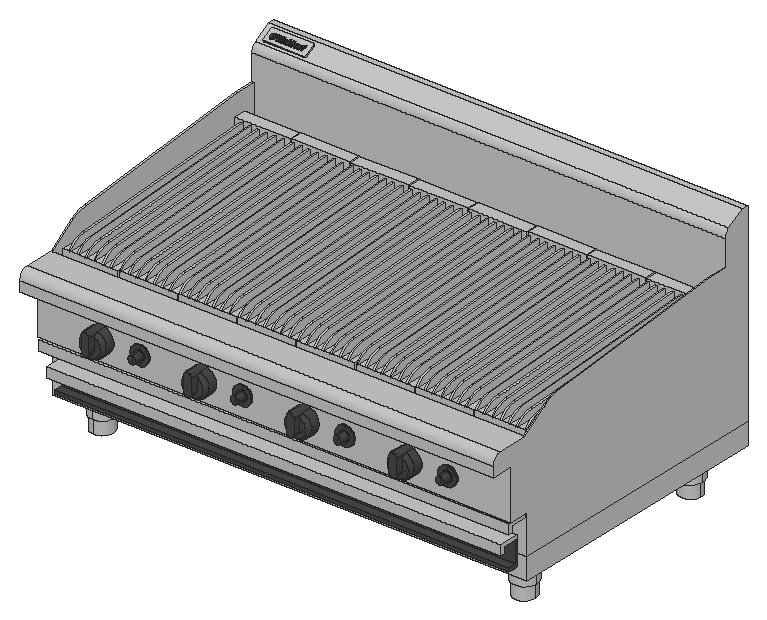
Revit family "QF_MOFFAT WALDORF_CH8120G-B", category Specialty Equipment, Revit 2012
Parameters
  Weight in Pounds = 0
  URL Cutsheet = "www.moffat.com"
  URL = "www.moffat.com"
  Type Mark [instance] = ""
  Status [instance] = ""
  Specification by User [instance] = ""
  Specification by Manufacturer = ""
  Show Logo [instance] = yes
  Serial Number = ""
  Seismic Rating = ""
  SMACNA No = ""
  Revision Code [instance] = ""
  Omniclass Number and Title = ""
  NAFEM Spec ID Number = ""
  Model = "CH8120G-B"
  Mechanical Remarks [instance] = ""
  Mechanical Connection Type [instance] = ""
  Masterspec = ""
  Manufacturer = "MOFFAT WALDORF"
  Item Number [instance] = ""
  Installed By [instance] = ""
  Identify Quantity as Lot [instance] = yes
  Gas Size = 3/4"
  Gas RI Height [instance] = 0 mm
  Gas KW [instance] = 36.6
  Gas Input [instance] = 126060.0 Btu/h
  Gas Connection Height = 0 mm
  Furnished By [instance] = ""
  Foodservice Equipment Identifier [instance] = yes
  Description = "CHARGRILL BENCH MOUNT"
  CSI MasterFormat = ""
  CSI Master Format = ""
  Body Finish = QF_Finishes_Stainless Steel
Reference planes
  plane 1 "BACK": y = 0
  plane 2: z = 0
  plane 3 "LEFT": x = 0
  plane 4 "RIGHT": x = 1200
  plane 5 "FRONT": y = -805
  plane 6 "TOP": z = 630
  plane 7 "Center Y": x = 600
  plane 8 "Center X": y = -402.5
Forms (mm)
  Extrusion 1, solid, material "QF_Finishes_Stainless Steel" <- "Body Finish"
    sketch origin (0, 0, 0) x (0, 1, 0) y (0, 0, 1)
      loop
        line (-805, 391) -> (-805, 366) -> (-749, 366) -> (-749, 240) -> (-699, 240) -> (-699, 140) -> (0, 140) -> (0, 630) -> (-16.5, 630) -> (-58.709, 605.631)
        arc (-58.709, 605.631) -> (-66.975, 597.365) -> (-70, 586.074) r 22.582
        line (-70, 586.074) -> (-70, 375) -> (-705, 375) -> (-705, 415) -> (-781, 415)
        arc (-781, 415) -> (-797.971, 407.971) -> (-805, 391) r 24
      loop
        line (0, 85) -> (0, 139.206) -> (-699, 139.206) -> (-699, 85) -> (0, 85)
    from 0 to 1200
  Revolve 2, solid, material "QF_Finishes_Stainless Steel" <- "Body Finish"
    sketch origin (424.5, -625, 0) x (1, 0, 0) y (0, 0, -1)
      loop
        line (678.25, -85) -> (710, -85) -> (710, 0) -> (682.5, 0) -> (682.5, -35) -> (678.25, -35) -> (678.25, -85)
      axis (710, -85) -> (710, 0)
    angle from 0 to 360
  Revolve 3, solid, material "QF_Finishes_Stainless Steel" <- "Body Finish"
    sketch origin (424.5, -100, 0) x (1, 0, 0) y (0, 0, -1)
      loop
        line (678.25, -85) -> (710, -85) -> (710, 0) -> (682.5, 0) -> (682.5, -35) -> (678.25, -35) -> (678.25, -85)
      axis (710, -85) -> (710, 0)
    angle from 0 to 360
  Revolve 4, solid, material "QF_Finishes_Stainless Steel" <- "Body Finish"
    sketch origin (65.5, -735, 0) x (0, 1, 0) y (0, 0, 1)
      loop
        line (78.25, 85) -> (78.25, 35) -> (82.5, 35) -> (82.5, 0) -> (110, 0) -> (110, 85) -> (78.25, 85)
      axis (110, 85) -> (110, 0)
    angle from 0 to 360
  Revolve 5, solid, material "QF_Finishes_Stainless Steel" <- "Body Finish"
    sketch origin (65.5, -210, 0) x (0, 1, 0) y (0, 0, 1)
      loop
        line (78.25, 85) -> (78.25, 35) -> (82.5, 35) -> (82.5, 0) -> (110, 0) -> (110, 85) -> (78.25, 85)
      axis (110, 85) -> (110, 0)
    angle from 0 to 360
  Extrusion 6, solid, material "QF_Finishes_Stainless Steel" <- "Body Finish"
    sketch origin (0, 0, 0) x (0, 1, 0) y (0, 0, 1)
      loop
        line (-121.455, 519.2) -> (-600.057, 473.116)
        arc (-600.057, 473.116) -> (-620.977, 468.81) -> (-640.506, 460.159) r 100
        line (-640.506, 460.159) -> (-705, 415) -> (-705, 375) -> (-70, 375) -> (-70, 519.2) -> (-121.455, 519.2)
    from 0 to 4.5
  Extrusion 7, solid, material "QF_Finishes_Stainless Steel" <- "Body Finish"
    sketch origin (1200, 0, 0) x (0, 1, 0) y (0, 0, -1)
      loop
        line (-121.455, -519.2) -> (-70, -519.2) -> (-70, -375) -> (-705, -375) -> (-705, -415) -> (-640.506, -460.159)
        arc (-640.506, -460.159) -> (-620.977, -468.81) -> (-600.057, -473.116) r 100
        line (-600.057, -473.116) -> (-121.455, -519.2)
    from 0 to 3
  Revolve 8, solid, material "QF_Finishes_Black"
    sketch origin (168, 0, 0) x (0, 1, 0) y (0, 0, 1)
      loop
        line (-782, 329.5) -> (-793, 323.651) -> (-793, 297) -> (-749, 297) -> (-749, 302) -> (-759, 302) -> (-759, 329.5) -> (-782, 329.5)
      axis (-793, 297) -> (-749, 297)
    angle from 0 to 360
  Extrusion 9, solid, material "QF_Finishes_Black"
    sketch origin (29.887, 0, 0) x (1, 0, 0) y (0, 0, 1)
      loop
        line (148.3, 289) -> (148.3, 324)
        arc (148.3, 324) -> (138.3, 334) -> (128.3, 324) r 10
        line (128.3, 324) -> (128.3, 289)
        arc (128.3, 289) -> (138.3, 279) -> (148.3, 289) r 10
    from 759 to 808
  Revolve 10, solid, material "QF_Finishes_Black"
    sketch origin (428, 0, 0) x (0, 1, 0) y (0, 0, -1)
      loop
        line (-782, -329.5) -> (-759, -329.5) -> (-759, -302) -> (-749, -302) -> (-749, -297) -> (-793, -297) -> (-793, -323.651) -> (-782, -329.5)
      axis (-793, -297) -> (-749, -297)
    angle from 0 to 360
  Extrusion 11, solid, material "QF_Finishes_Black"
    sketch origin (266.198, 0, 0) x (-1, 0, 0) y (0, 0, -1)
      loop
        arc (-151.7, -289) -> (-161.7, -279) -> (-171.7, -289) r 10
        line (-171.7, -289) -> (-171.7, -324)
        arc (-171.7, -324) -> (-161.7, -334) -> (-151.7, -324) r 10
        line (-151.7, -324) -> (-151.7, -289)
    from 759 to 808
  Revolve 12, solid, material "QF_Finishes_Black"
    sketch origin (268.187, 0, 0) x (0, 1, 0) y (0, 0, 1)
      loop
        line (-759, 302) -> (-759, 321) -> (-761.705, 321) -> (-761.705, 309.85) -> (-762.85, 309.85) -> (-762.85, 306.825) -> (-784.88, 306.825) -> (-784.88, 297) -> (-749, 297) -> (-749, 302) -> (-759, 302)
      axis (-749, 297) -> (-784.88, 297)
    angle from 0 to 360
  Revolve 13, solid, material "QF_Finishes_Black"
    sketch origin (528.014, 0, 0) x (0, 1, 0) y (0, 0, 1)
      loop
        line (-759, 302) -> (-759, 321) -> (-761.705, 321) -> (-761.705, 309.85) -> (-762.85, 309.85) -> (-762.85, 306.825) -> (-784.88, 306.825) -> (-784.88, 297) -> (-749, 297) -> (-749, 302) -> (-759, 302)
      axis (-749, 297) -> (-784.88, 297)
    angle from 0 to 360
  Extrusion 14, solid, material "QF_Finishes_Stainless Steel"
    sketch origin (276, 0, 0) x (0, 1, 0) y (0, 0, 1)
      loop
        line (-132, 410.364) -> (-132, 462.849) -> (-630.852, 432.53)
        arc (-630.852, 432.53) -> (-656.098, 425.97) -> (-677, 410.364) r 67.81
        line (-677, 410.364) -> (-132, 410.364)
    from 0 to 4.5
  Extrusion 15, solid, material "QF_Finishes_Stainless Steel"
    sketch origin (255, 0, 0) x (0, 1, 0) y (0, 0, 1)
      loop
        line (-132, 410.364) -> (-132, 462.849) -> (-630.852, 432.53)
        arc (-630.852, 432.53) -> (-656.098, 425.97) -> (-677, 410.364) r 67.81
        line (-677, 410.364) -> (-132, 410.364)
    from 0 to 4.5
  Extrusion 16, solid, material "QF_Finishes_Stainless Steel"
    sketch origin (234, 0, 0) x (0, 1, 0) y (0, 0, 1)
      loop
        line (-132, 410.364) -> (-132, 462.849) -> (-630.852, 432.53)
        arc (-630.852, 432.53) -> (-656.098, 425.97) -> (-677, 410.364) r 67.81
        line (-677, 410.364) -> (-132, 410.364)
    from 0 to 4.5
  Extrusion 17, solid, material "QF_Finishes_Stainless Steel"
    sketch origin (213, 0, 0) x (0, 1, 0) y (0, 0, 1)
      loop
        line (-132, 410.364) -> (-132, 462.849) -> (-630.852, 432.53)
        arc (-630.852, 432.53) -> (-656.098, 425.97) -> (-677, 410.364) r 67.81
        line (-677, 410.364) -> (-132, 410.364)
    from 0 to 4.5
  Extrusion 18, solid, material "QF_Finishes_Stainless Steel"
    sketch origin (192, 0, 0) x (0, 1, 0) y (0, 0, 1)
      loop
        line (-132, 410.364) -> (-132, 462.849) -> (-630.852, 432.53)
        arc (-630.852, 432.53) -> (-656.098, 425.97) -> (-677, 410.364) r 67.81
        line (-677, 410.364) -> (-132, 410.364)
    from 0 to 4.5
  Extrusion 19, solid, material "QF_Finishes_Stainless Steel"
    sketch origin (171, 0, 0) x (0, 1, 0) y (0, 0, 1)
      loop
        line (-132, 410.364) -> (-132, 462.849) -> (-630.852, 432.53)
        arc (-630.852, 432.53) -> (-656.098, 425.97) -> (-677, 410.364) r 67.81
        line (-677, 410.364) -> (-132, 410.364)
    from 0 to 4.5
  Extrusion 20, solid, material "QF_Finishes_Stainless Steel"
    sketch origin (150, 0, 0) x (0, 1, 0) y (0, 0, 1)
      loop
        line (-132, 410.364) -> (-132, 462.849) -> (-630.852, 432.53)
        arc (-630.852, 432.53) -> (-656.098, 425.97) -> (-677, 410.364) r 67.81
        line (-677, 410.364) -> (-132, 410.364)
    from 0 to 4.5
  Extrusion 21, solid, material "QF_Finishes_Stainless Steel"
    sketch origin (126, 0, 0) x (0, 1, 0) y (0, 0, 1)
      loop
        line (-132, 410.364) -> (-132, 462.849) -> (-630.852, 432.53)
        arc (-630.852, 432.53) -> (-656.098, 425.97) -> (-677, 410.364) r 67.81
        line (-677, 410.364) -> (-132, 410.364)
    from 0 to 4.5
  Extrusion 22, solid, material "QF_Finishes_Stainless Steel"
    sketch origin (105, 0, 0) x (0, 1, 0) y (0, 0, 1)
      loop
        line (-132, 410.364) -> (-132, 462.849) -> (-630.852, 432.53)
        arc (-630.852, 432.53) -> (-656.098, 425.97) -> (-677, 410.364) r 67.81
        line (-677, 410.364) -> (-132, 410.364)
    from 0 to 4.5
  Extrusion 23, solid, material "QF_Finishes_Stainless Steel"
    sketch origin (84, 0, 0) x (0, 1, 0) y (0, 0, 1)
      loop
        line (-132, 410.364) -> (-132, 462.849) -> (-630.852, 432.53)
        arc (-630.852, 432.53) -> (-656.098, 425.97) -> (-677, 410.364) r 67.81
        line (-677, 410.364) -> (-132, 410.364)
    from 0 to 4.5
  Extrusion 24, solid, material "QF_Finishes_Stainless Steel"
    sketch origin (63, 0, 0) x (0, 1, 0) y (0, 0, 1)
      loop
        line (-132, 410.364) -> (-132, 462.849) -> (-630.852, 432.53)
        arc (-630.852, 432.53) -> (-656.098, 425.97) -> (-677, 410.364) r 67.81
        line (-677, 410.364) -> (-132, 410.364)
    from 0 to 4.5
  Extrusion 25, solid, material "QF_Finishes_Stainless Steel"
    sketch origin (42, 0, 0) x (0, 1, 0) y (0, 0, 1)
      loop
        line (-132, 410.364) -> (-132, 462.849) -> (-630.852, 432.53)
        arc (-630.852, 432.53) -> (-656.098, 425.97) -> (-677, 410.364) r 67.81
        line (-677, 410.364) -> (-132, 410.364)
    from 0 to 4.5
  Extrusion 26, solid, material "QF_Finishes_Stainless Steel"
    sketch origin (21, 0, 0) x (0, 1, 0) y (0, 0, 1)
      loop
        line (-132, 410.364) -> (-132, 462.849) -> (-630.852, 432.53)
        arc (-630.852, 432.53) -> (-656.098, 425.97) -> (-677, 410.364) r 67.81
        line (-677, 410.364) -> (-132, 410.364)
    from 0 to 4.5
  Extrusion 27, solid, material "QF_Finishes_Stainless Steel"
    sketch origin (426, 0, 0) x (0, 1, 0) y (0, 0, 1)
      loop
        line (-132, 410.364) -> (-132, 462.849) -> (-630.852, 432.53)
        arc (-630.852, 432.53) -> (-656.098, 425.97) -> (-677, 410.364) r 67.81
        line (-677, 410.364) -> (-132, 410.364)
    from 0 to 4.5
  Extrusion 28, solid, material "QF_Finishes_Stainless Steel"
    sketch origin (405, 0, 0) x (0, 1, 0) y (0, 0, 1)
      loop
        line (-132, 410.364) -> (-132, 462.849) -> (-630.852, 432.53)
        arc (-630.852, 432.53) -> (-656.098, 425.97) -> (-677, 410.364) r 67.81
        line (-677, 410.364) -> (-132, 410.364)
    from 0 to 4.5
  Extrusion 29, solid, material "QF_Finishes_Stainless Steel"
    sketch origin (384, 0, 0) x (0, 1, 0) y (0, 0, 1)
      loop
        line (-132, 410.364) -> (-132, 462.849) -> (-630.852, 432.53)
        arc (-630.852, 432.53) -> (-656.098, 425.97) -> (-677, 410.364) r 67.81
        line (-677, 410.364) -> (-132, 410.364)
    from 0 to 4.5
  Extrusion 30, solid, material "QF_Finishes_Stainless Steel"
    sketch origin (363, 0, 0) x (0, 1, 0) y (0, 0, 1)
      loop
        line (-132, 410.364) -> (-132, 462.849) -> (-630.852, 432.53)
        arc (-630.852, 432.53) -> (-656.098, 425.97) -> (-677, 410.364) r 67.81
        line (-677, 410.364) -> (-132, 410.364)
    from 0 to 4.5
  Extrusion 31, solid, material "QF_Finishes_Stainless Steel"
    sketch origin (342, 0, 0) x (0, 1, 0) y (0, 0, 1)
      loop
        line (-132, 410.364) -> (-132, 462.849) -> (-630.852, 432.53)
        arc (-630.852, 432.53) -> (-656.098, 425.97) -> (-677, 410.364) r 67.81
        line (-677, 410.364) -> (-132, 410.364)
    from 0 to 4.5
  Extrusion 32, solid, material "QF_Finishes_Stainless Steel"
    sketch origin (321, 0, 0) x (0, 1, 0) y (0, 0, 1)
      loop
        line (-132, 410.364) -> (-132, 462.849) -> (-630.852, 432.53)
        arc (-630.852, 432.53) -> (-656.098, 425.97) -> (-677, 410.364) r 67.81
        line (-677, 410.364) -> (-132, 410.364)
    from 0 to 4.5
  Extrusion 33, solid, material "QF_Finishes_Stainless Steel"
    sketch origin (300, 0, 0) x (0, 1, 0) y (0, 0, 1)
      loop
        line (-132, 410.364) -> (-132, 462.849) -> (-630.852, 432.53)
        arc (-630.852, 432.53) -> (-656.098, 425.97) -> (-677, 410.364) r 67.81
        line (-677, 410.364) -> (-132, 410.364)
    from 0 to 4.5
  Extrusion 34, solid, material "QF_Finishes_Stainless Steel"
    sketch origin (576, 0, 0) x (0, 1, 0) y (0, 0, 1)
      loop
        line (-132, 410.364) -> (-132, 462.849) -> (-630.852, 432.53)
        arc (-630.852, 432.53) -> (-656.098, 425.97) -> (-677, 410.364) r 67.81
        line (-677, 410.364) -> (-132, 410.364)
    from 0 to 4.5
  Extrusion 35, solid, material "QF_Finishes_Stainless Steel"
    sketch origin (555, 0, 0) x (0, 1, 0) y (0, 0, 1)
      loop
        line (-132, 410.364) -> (-132, 462.849) -> (-630.852, 432.53)
        arc (-630.852, 432.53) -> (-656.098, 425.97) -> (-677, 410.364) r 67.81
        line (-677, 410.364) -> (-132, 410.364)
    from 0 to 4.5
  Extrusion 36, solid, material "QF_Finishes_Stainless Steel"
    sketch origin (534, 0, 0) x (0, 1, 0) y (0, 0, 1)
      loop
        line (-132, 410.364) -> (-132, 462.849) -> (-630.852, 432.53)
        arc (-630.852, 432.53) -> (-656.098, 425.97) -> (-677, 410.364) r 67.81
        line (-677, 410.364) -> (-132, 410.364)
    from 0 to 4.5
  Extrusion 37, solid, material "QF_Finishes_Stainless Steel"
    sketch origin (513, 0, 0) x (0, 1, 0) y (0, 0, 1)
      loop
        line (-132, 410.364) -> (-132, 462.849) -> (-630.852, 432.53)
        arc (-630.852, 432.53) -> (-656.098, 425.97) -> (-677, 410.364) r 67.81
        line (-677, 410.364) -> (-132, 410.364)
    from 0 to 4.5
  Extrusion 38, solid, material "QF_Finishes_Stainless Steel"
    sketch origin (492, 0, 0) x (0, 1, 0) y (0, 0, 1)
      loop
        line (-132, 410.364) -> (-132, 462.849) -> (-630.852, 432.53)
        arc (-630.852, 432.53) -> (-656.098, 425.97) -> (-677, 410.364) r 67.81
        line (-677, 410.364) -> (-132, 410.364)
    from 0 to 4.5
  Extrusion 39, solid, material "QF_Finishes_Stainless Steel"
    sketch origin (471, 0, 0) x (0, 1, 0) y (0, 0, 1)
      loop
        line (-132, 410.364) -> (-132, 462.849) -> (-630.852, 432.53)
        arc (-630.852, 432.53) -> (-656.098, 425.97) -> (-677, 410.364) r 67.81
        line (-677, 410.364) -> (-132, 410.364)
    from 0 to 4.5
  Extrusion 40, solid, material "QF_Finishes_Stainless Steel"
    sketch origin (450, 0, 0) x (0, 1, 0) y (0, 0, 1)
      loop
        line (-132, 410.364) -> (-132, 462.849) -> (-630.852, 432.53)
        arc (-630.852, 432.53) -> (-656.098, 425.97) -> (-677, 410.364) r 67.81
        line (-677, 410.364) -> (-132, 410.364)
    from 0 to 4.5
  Extrusion 41, solid, material "QF_Finishes_Stainless Steel"
    sketch origin (1, 3, -500) x (1, 0, 0) y (0, 1, 0)
      loop
        circle (215, -35) r 13.5
    from 555 to 585
  Extrusion 42, solid, material "QF_Finishes_Black"
    sketch origin (1, 0, 0) x (0, 1, 0) y (0, 0, 1)
      loop
        line (-704, 171.797) -> (-704, 118.047) -> (-724, 118.047) -> (-724, 108.047) -> (-685.346, 108.047) -> (-685.346, 171.797) -> (-704, 171.797)
    from 24.12 to 1174.007
  Extrusion 43, solid, material "QF_Finishes_Stainless Steel"
    sketch origin (0, 0, 0) x (0, 1, 0) y (0, 0, 1)
      loop
        line (-751.27, 211.219) -> (-741.27, 211.219) -> (-741.27, 226.219) -> (-699, 226.219) -> (-699, 236.219) -> (-751.27, 236.219) -> (-751.27, 211.219)
    from 5.013 to 1195
  Extrusion 44, solid, material "QF_Finishes_Stainless Steel"
    sketch origin (0, 0, -54.422) x (0, 1, 0) y (0, 0, 1)
      loop
        line (-751.27, 211.219) -> (-741.27, 211.219) -> (-741.27, 226.219) -> (-685.346, 226.219) -> (-685.346, 236.219) -> (-751.27, 236.219) -> (-751.27, 211.219)
    from 25.12 to 1175.007
  Extrusion 45, solid, material "QF_Finishes_Stainless Steel"
    sketch origin (0, 0, 0) x (0, 1, 0) y (0, 0, 1)
      loop
        line (-132, 410.364) -> (-677, 410.364) -> (-677, 375) -> (-102, 375) -> (-102, 470) -> (-132, 470) -> (-132, 410.364)
    from 4.5 to 147
  Extrusion 46, solid, material "QF_Finishes_Stainless Steel"
    sketch origin (145.5, 0, 0) x (0, 1, 0) y (0, 0, 1)
      loop
        line (-132, 410.364) -> (-677, 410.364) -> (-677, 375) -> (-102, 375) -> (-102, 470) -> (-132, 470) -> (-132, 410.364)
    from 4.5 to 151.5
  Extrusion 47, solid, material "QF_Finishes_Stainless Steel"
    sketch origin (295.5, 0, 0) x (0, 1, 0) y (0, 0, 1)
      loop
        line (-132, 410.364) -> (-677, 410.364) -> (-677, 375) -> (-102, 375) -> (-102, 470) -> (-132, 470) -> (-132, 410.364)
    from 4.5 to 151.5
  Extrusion 48, solid, material "QF_Finishes_Stainless Steel"
    sketch origin (445.5, 0, 0) x (0, 1, 0) y (0, 0, 1)
      loop
        line (-132, 410.364) -> (-677, 410.364) -> (-677, 375) -> (-102, 375) -> (-102, 470) -> (-132, 470) -> (-132, 410.364)
    from 4.5 to 151.5
  Extrusion 49, solid, material "QF_Finishes_Stainless Steel"
    sketch origin (726, 0, 0) x (0, 1, 0) y (0, 0, 1)
      loop
        line (-132, 410.364) -> (-132, 462.849) -> (-630.852, 432.53)
        arc (-630.852, 432.53) -> (-656.098, 425.97) -> (-677, 410.364) r 67.81
        line (-677, 410.364) -> (-132, 410.364)
    from 0 to 4.5
  Extrusion 50, solid, material "QF_Finishes_Stainless Steel"
    sketch origin (705, 0, 0) x (0, 1, 0) y (0, 0, 1)
      loop
        line (-132, 410.364) -> (-132, 462.849) -> (-630.852, 432.53)
        arc (-630.852, 432.53) -> (-656.098, 425.97) -> (-677, 410.364) r 67.81
        line (-677, 410.364) -> (-132, 410.364)
    from 0 to 4.5
  Extrusion 51, solid, material "QF_Finishes_Stainless Steel"
    sketch origin (684, 0, 0) x (0, 1, 0) y (0, 0, 1)
      loop
        line (-132, 410.364) -> (-132, 462.849) -> (-630.852, 432.53)
        arc (-630.852, 432.53) -> (-656.098, 425.97) -> (-677, 410.364) r 67.81
        line (-677, 410.364) -> (-132, 410.364)
    from 0 to 4.5
  Extrusion 52, solid, material "QF_Finishes_Stainless Steel"
    sketch origin (663, 0, 0) x (0, 1, 0) y (0, 0, 1)
      loop
        line (-132, 410.364) -> (-132, 462.849) -> (-630.852, 432.53)
        arc (-630.852, 432.53) -> (-656.098, 425.97) -> (-677, 410.364) r 67.81
        line (-677, 410.364) -> (-132, 410.364)
    from 0 to 4.5
  Extrusion 53, solid, material "QF_Finishes_Stainless Steel"
    sketch origin (642, 0, 0) x (0, 1, 0) y (0, 0, 1)
      loop
        line (-132, 410.364) -> (-132, 462.849) -> (-630.852, 432.53)
        arc (-630.852, 432.53) -> (-656.098, 425.97) -> (-677, 410.364) r 67.81
        line (-677, 410.364) -> (-132, 410.364)
    from 0 to 4.5
  Extrusion 54, solid, material "QF_Finishes_Stainless Steel"
    sketch origin (621, 0, 0) x (0, 1, 0) y (0, 0, 1)
      loop
        line (-132, 410.364) -> (-132, 462.849) -> (-630.852, 432.53)
        arc (-630.852, 432.53) -> (-656.098, 425.97) -> (-677, 410.364) r 67.81
        line (-677, 410.364) -> (-132, 410.364)
    from 0 to 4.5
  Extrusion 55, solid, material "QF_Finishes_Stainless Steel"
    sketch origin (600, 0, 0) x (0, 1, 0) y (0, 0, 1)
      loop
        line (-132, 410.364) -> (-132, 462.849) -> (-630.852, 432.53)
        arc (-630.852, 432.53) -> (-656.098, 425.97) -> (-677, 410.364) r 67.81
        line (-677, 410.364) -> (-132, 410.364)
    from 0 to 4.5
  Extrusion 56, solid, material "QF_Finishes_Stainless Steel"
    sketch origin (595.5, 0, 0) x (0, 1, 0) y (0, 0, 1)
      loop
        line (-132, 410.364) -> (-677, 410.364) -> (-677, 375) -> (-102, 375) -> (-102, 470) -> (-132, 470) -> (-132, 410.364)
    from 4.5 to 151.5
  Extrusion 57, solid, material "QF_Finishes_Stainless Steel"
    sketch origin (876, 0, 0) x (0, 1, 0) y (0, 0, 1)
      loop
        line (-132, 410.364) -> (-132, 462.849) -> (-630.852, 432.53)
        arc (-630.852, 432.53) -> (-656.098, 425.97) -> (-677, 410.364) r 67.81
        line (-677, 410.364) -> (-132, 410.364)
    from 0 to 4.5
  Extrusion 58, solid, material "QF_Finishes_Stainless Steel"
    sketch origin (855, 0, 0) x (0, 1, 0) y (0, 0, 1)
      loop
        line (-132, 410.364) -> (-132, 462.849) -> (-630.852, 432.53)
        arc (-630.852, 432.53) -> (-656.098, 425.97) -> (-677, 410.364) r 67.81
        line (-677, 410.364) -> (-132, 410.364)
    from 0 to 4.5
  Extrusion 59, solid, material "QF_Finishes_Stainless Steel"
    sketch origin (834, 0, 0) x (0, 1, 0) y (0, 0, 1)
      loop
        line (-132, 410.364) -> (-132, 462.849) -> (-630.852, 432.53)
        arc (-630.852, 432.53) -> (-656.098, 425.97) -> (-677, 410.364) r 67.81
        line (-677, 410.364) -> (-132, 410.364)
    from 0 to 4.5
  Extrusion 60, solid, material "QF_Finishes_Stainless Steel"
    sketch origin (813, 0, 0) x (0, 1, 0) y (0, 0, 1)
      loop
        line (-132, 410.364) -> (-132, 462.849) -> (-630.852, 432.53)
        arc (-630.852, 432.53) -> (-656.098, 425.97) -> (-677, 410.364) r 67.81
        line (-677, 410.364) -> (-132, 410.364)
    from 0 to 4.5
  Extrusion 61, solid, material "QF_Finishes_Stainless Steel"
    sketch origin (792, 0, 0) x (0, 1, 0) y (0, 0, 1)
      loop
        line (-132, 410.364) -> (-132, 462.849) -> (-630.852, 432.53)
        arc (-630.852, 432.53) -> (-656.098, 425.97) -> (-677, 410.364) r 67.81
        line (-677, 410.364) -> (-132, 410.364)
    from 0 to 4.5
  Extrusion 62, solid, material "QF_Finishes_Stainless Steel"
    sketch origin (771, 0, 0) x (0, 1, 0) y (0, 0, 1)
      loop
        line (-132, 410.364) -> (-132, 462.849) -> (-630.852, 432.53)
        arc (-630.852, 432.53) -> (-656.098, 425.97) -> (-677, 410.364) r 67.81
        line (-677, 410.364) -> (-132, 410.364)
    from 0 to 4.5
  Extrusion 63, solid, material "QF_Finishes_Stainless Steel"
    sketch origin (750, 0, 0) x (0, 1, 0) y (0, 0, 1)
      loop
        line (-132, 410.364) -> (-132, 462.849) -> (-630.852, 432.53)
        arc (-630.852, 432.53) -> (-656.098, 425.97) -> (-677, 410.364) r 67.81
        line (-677, 410.364) -> (-132, 410.364)
    from 0 to 4.5
  Extrusion 64, solid, material "QF_Finishes_Stainless Steel"
    sketch origin (745.5, 0, 0) x (0, 1, 0) y (0, 0, 1)
      loop
        line (-132, 410.364) -> (-677, 410.364) -> (-677, 375) -> (-102, 375) -> (-102, 470) -> (-132, 470) -> (-132, 410.364)
    from 4.5 to 151.5
  Revolve 65, solid, material "QF_Finishes_Black"
    sketch origin (688, 0, 0) x (0, 1, 0) y (0, 0, -1)
      loop
        line (-782, -329.5) -> (-759, -329.5) -> (-759, -302) -> (-749, -302) -> (-749, -297) -> (-793, -297) -> (-793, -323.651) -> (-782, -329.5)
      axis (-793, -297) -> (-749, -297)
    angle from 0 to 360
  Extrusion 66, solid, material "QF_Finishes_Black"
    sketch origin (526.309, 0, 0) x (-1, 0, 0) y (0, 0, -1)
      loop
        arc (-151.7, -289) -> (-161.7, -279) -> (-171.7, -289) r 10
        line (-171.7, -289) -> (-171.7, -324)
        arc (-171.7, -324) -> (-161.7, -334) -> (-151.7, -324) r 10
        line (-151.7, -324) -> (-151.7, -289)
    from 759 to 808
  Revolve 67, solid, material "QF_Finishes_Black"
    sketch origin (788.014, 0, 0) x (0, 1, 0) y (0, 0, 1)
      loop
        line (-759, 302) -> (-759, 321) -> (-761.705, 321) -> (-761.705, 309.85) -> (-762.85, 309.85) -> (-762.85, 306.825) -> (-784.88, 306.825) -> (-784.88, 297) -> (-749, 297) -> (-749, 302) -> (-759, 302)
      axis (-749, 297) -> (-784.88, 297)
    angle from 0 to 360
  Revolve 68, solid, material "QF_Finishes_Black"
    sketch origin (948, 0, 0) x (0, 1, 0) y (0, 0, -1)
      loop
        line (-782, -329.5) -> (-759, -329.5) -> (-759, -302) -> (-749, -302) -> (-749, -297) -> (-793, -297) -> (-793, -323.651) -> (-782, -329.5)
      axis (-793, -297) -> (-749, -297)
    angle from 0 to 360
  Extrusion 69, solid, material "QF_Finishes_Black"
    sketch origin (786.309, 0, 0) x (-1, 0, 0) y (0, 0, -1)
      loop
        arc (-151.7, -289) -> (-161.7, -279) -> (-171.7, -289) r 10
        line (-171.7, -289) -> (-171.7, -324)
        arc (-171.7, -324) -> (-161.7, -334) -> (-151.7, -324) r 10
        line (-151.7, -324) -> (-151.7, -289)
    from 759 to 808
  Revolve 70, solid, material "QF_Finishes_Black"
    sketch origin (1048.014, 0, 0) x (0, 1, 0) y (0, 0, 1)
      loop
        line (-759, 302) -> (-759, 321) -> (-761.705, 321) -> (-761.705, 309.85) -> (-762.85, 309.85) -> (-762.85, 306.825) -> (-784.88, 306.825) -> (-784.88, 297) -> (-749, 297) -> (-749, 302) -> (-759, 302)
      axis (-749, 297) -> (-784.88, 297)
    angle from 0 to 360
  Extrusion 71, solid, material "QF_Finishes_Stainless Steel"
    sketch origin (1026, 0, 0) x (0, 1, 0) y (0, 0, 1)
      loop
        line (-132, 410.364) -> (-132, 462.849) -> (-630.852, 432.53)
        arc (-630.852, 432.53) -> (-656.098, 425.97) -> (-677, 410.364) r 67.81
        line (-677, 410.364) -> (-132, 410.364)
    from 0 to 4.5
  Extrusion 72, solid, material "QF_Finishes_Stainless Steel"
    sketch origin (1005, 0, 0) x (0, 1, 0) y (0, 0, 1)
      loop
        line (-132, 410.364) -> (-132, 462.849) -> (-630.852, 432.53)
        arc (-630.852, 432.53) -> (-656.098, 425.97) -> (-677, 410.364) r 67.81
        line (-677, 410.364) -> (-132, 410.364)
    from 0 to 4.5
  Extrusion 73, solid, material "QF_Finishes_Stainless Steel"
    sketch origin (984, 0, 0) x (0, 1, 0) y (0, 0, 1)
      loop
        line (-132, 410.364) -> (-132, 462.849) -> (-630.852, 432.53)
        arc (-630.852, 432.53) -> (-656.098, 425.97) -> (-677, 410.364) r 67.81
        line (-677, 410.364) -> (-132, 410.364)
    from 0 to 4.5
  Extrusion 74, solid, material "QF_Finishes_Stainless Steel"
    sketch origin (963, 0, 0) x (0, 1, 0) y (0, 0, 1)
      loop
        line (-132, 410.364) -> (-132, 462.849) -> (-630.852, 432.53)
        arc (-630.852, 432.53) -> (-656.098, 425.97) -> (-677, 410.364) r 67.81
        line (-677, 410.364) -> (-132, 410.364)
    from 0 to 4.5
  Extrusion 75, solid, material "QF_Finishes_Stainless Steel"
    sketch origin (942, 0, 0) x (0, 1, 0) y (0, 0, 1)
      loop
        line (-132, 410.364) -> (-132, 462.849) -> (-630.852, 432.53)
        arc (-630.852, 432.53) -> (-656.098, 425.97) -> (-677, 410.364) r 67.81
        line (-677, 410.364) -> (-132, 410.364)
    from 0 to 4.5
  Extrusion 76, solid, material "QF_Finishes_Stainless Steel"
    sketch origin (921, 0, 0) x (0, 1, 0) y (0, 0, 1)
      loop
        line (-132, 410.364) -> (-132, 462.849) -> (-630.852, 432.53)
        arc (-630.852, 432.53) -> (-656.098, 425.97) -> (-677, 410.364) r 67.81
        line (-677, 410.364) -> (-132, 410.364)
    from 0 to 4.5
  Extrusion 77, solid, material "QF_Finishes_Stainless Steel"
    sketch origin (900, 0, 0) x (0, 1, 0) y (0, 0, 1)
      loop
        line (-132, 410.364) -> (-132, 462.849) -> (-630.852, 432.53)
        arc (-630.852, 432.53) -> (-656.098, 425.97) -> (-677, 410.364) r 67.81
        line (-677, 410.364) -> (-132, 410.364)
    from 0 to 4.5
  Extrusion 78, solid, material "QF_Finishes_Stainless Steel"
    sketch origin (895.5, 0, 0) x (0, 1, 0) y (0, 0, 1)
      loop
        line (-132, 410.364) -> (-677, 410.364) -> (-677, 375) -> (-102, 375) -> (-102, 470) -> (-132, 470) -> (-132, 410.364)
    from 4.5 to 151.5
  Extrusion 79, solid, material "QF_Finishes_Stainless Steel"
    sketch origin (1176, 0, 0) x (0, 1, 0) y (0, 0, 1)
      loop
        line (-132, 410.364) -> (-132, 462.849) -> (-630.852, 432.53)
        arc (-630.852, 432.53) -> (-656.098, 425.97) -> (-677, 410.364) r 67.81
        line (-677, 410.364) -> (-132, 410.364)
    from 0 to 4.5
  Extrusion 80, solid, material "QF_Finishes_Stainless Steel"
    sketch origin (1155, 0, 0) x (0, 1, 0) y (0, 0, 1)
      loop
        line (-132, 410.364) -> (-132, 462.849) -> (-630.852, 432.53)
        arc (-630.852, 432.53) -> (-656.098, 425.97) -> (-677, 410.364) r 67.81
        line (-677, 410.364) -> (-132, 410.364)
    from 0 to 4.5
  Extrusion 81, solid, material "QF_Finishes_Stainless Steel"
    sketch origin (1134, 0, 0) x (0, 1, 0) y (0, 0, 1)
      loop
        line (-132, 410.364) -> (-132, 462.849) -> (-630.852, 432.53)
        arc (-630.852, 432.53) -> (-656.098, 425.97) -> (-677, 410.364) r 67.81
        line (-677, 410.364) -> (-132, 410.364)
    from 0 to 4.5
  Extrusion 82, solid, material "QF_Finishes_Stainless Steel"
    sketch origin (1113, 0, 0) x (0, 1, 0) y (0, 0, 1)
      loop
        line (-132, 410.364) -> (-132, 462.849) -> (-630.852, 432.53)
        arc (-630.852, 432.53) -> (-656.098, 425.97) -> (-677, 410.364) r 67.81
        line (-677, 410.364) -> (-132, 410.364)
    from 0 to 4.5
  Extrusion 83, solid, material "QF_Finishes_Stainless Steel"
    sketch origin (1092, 0, 0) x (0, 1, 0) y (0, 0, 1)
      loop
        line (-132, 410.364) -> (-132, 462.849) -> (-630.852, 432.53)
        arc (-630.852, 432.53) -> (-656.098, 425.97) -> (-677, 410.364) r 67.81
        line (-677, 410.364) -> (-132, 410.364)
    from 0 to 4.5
  Extrusion 84, solid, material "QF_Finishes_Stainless Steel"
    sketch origin (1071, 0, 0) x (0, 1, 0) y (0, 0, 1)
      loop
        line (-132, 410.364) -> (-132, 462.849) -> (-630.852, 432.53)
        arc (-630.852, 432.53) -> (-656.098, 425.97) -> (-677, 410.364) r 67.81
        line (-677, 410.364) -> (-132, 410.364)
    from 0 to 4.5
  Extrusion 85, solid, material "QF_Finishes_Stainless Steel"
    sketch origin (1050, 0, 0) x (0, 1, 0) y (0, 0, 1)
      loop
        line (-132, 410.364) -> (-132, 462.849) -> (-630.852, 432.53)
        arc (-630.852, 432.53) -> (-656.098, 425.97) -> (-677, 410.364) r 67.81
        line (-677, 410.364) -> (-132, 410.364)
    from 0 to 4.5
  Extrusion 86, solid, material "QF_Finishes_Stainless Steel"
    sketch origin (1045.5, 0, 0) x (0, 1, 0) y (0, 0, 1)
      loop
        line (-132, 410.364) -> (-677, 410.364) -> (-677, 375) -> (-102, 375) -> (-102, 470) -> (-132, 470) -> (-132, 410.364)
    from 4.5 to 151.5
Cuts and joins
  joined: Revolve 8, Extrusion 9
  joined: Revolve 10, Extrusion 11
  joined: Extrusion 1, Extrusion 6, Extrusion 7
Lines and regions (mm)
  Split face 1
    outline origin (0, -16.5, 630) x (0, -0.866025, -0.5) y (1, 0, 0)
      loop
        line (1.962, 129.583) -> (34.599, 129.583) -> (34.599, 149.583) -> (1.962, 149.583) -> (1.962, 129.583)
  Split face 2
    outline origin (0, -16.5, 630) x (0, -0.866025, -0.5) y (1, 0, 0)
      loop
        line (34.599, 156.5) -> (34.599, 176.5) -> (1.962, 176.5) -> (1.962, 156.5) -> (34.599, 156.5)
  Split face 3
    outline origin (0, -16.5, 630) x (0, -0.866025, -0.5) y (1, 0, 0)
      loop
        line (34.599, 203.5) -> (1.962, 203.5) -> (1.962, 183.5) -> (34.599, 183.5) -> (34.599, 203.5)
  Split face 4
    outline origin (0, -16.5, 630) x (0, -0.866025, -0.5) y (1, 0, 0)
      loop
        line (34.599, 230.5) -> (1.962, 230.5) -> (1.962, 210.5) -> (34.599, 210.5) -> (34.599, 230.5)
  Split face 5
    outline origin (0, -16.5, 630) x (0, -0.866025, -0.5) y (1, 0, 0)
      loop
        line (34.599, 257.5) -> (1.962, 257.5) -> (1.962, 237.5) -> (34.599, 237.5) -> (34.599, 257.5)
  Split face 6
    outline origin (0, -16.5, 630) x (0, -0.866025, -0.5) y (1, 0, 0)
      loop
        line (34.599, 264.5) -> (34.599, 284.5) -> (1.962, 284.5) -> (1.962, 264.5) -> (34.599, 264.5)
  Split face 7
    outline origin (0, -16.5, 630) x (0, -0.866025, -0.5) y (1, 0, 0)
      loop
        line (34.599, 311.5) -> (1.962, 311.5) -> (1.962, 291.5) -> (34.599, 291.5) -> (34.599, 311.5)
  Split face 8
    outline origin (0, -16.5, 630) x (0, -0.866025, -0.5) y (1, 0, 0)
      loop
        line (1.962, 338.5) -> (1.962, 318.5) -> (34.599, 318.5) -> (34.599, 338.5) -> (1.962, 338.5)
  Split face 9
    outline origin (0, -16.5, 630) x (0, -0.866025, -0.5) y (1, 0, 0)
      loop
        line (1.962, 345.5) -> (34.599, 345.5) -> (34.599, 365.5) -> (1.962, 365.5) -> (1.962, 345.5)
  Split face 10
    outline origin (0, -16.5, 630) x (0, -0.866025, -0.5) y (1, 0, 0)
      loop
        line (34.599, 372.579) -> (34.599, 392.579) -> (1.962, 392.579) -> (1.962, 372.579) -> (34.599, 372.579)
  Split face 11
    outline origin (0, -16.5, 630) x (0, -0.866025, -0.5) y (1, 0, 0)
      loop
        line (34.599, 399.534) -> (34.599, 419.534) -> (1.962, 419.534) -> (1.962, 399.534) -> (34.599, 399.534)
  Split face 12
    outline origin (1200, -699, 240) x (-1, 0, 0) y (0, 0, -1)
      loop
        line (1174.88, 98.75) -> (24.993, 98.75) -> (24.993, 1.25) -> (1174.88, 1.25) -> (1174.88, 98.75)
  Split face 13
    outline origin (27, -16.5, 630) x (0, -0.866025, -0.5) y (1, 0, 0)
      loop
        line (34.599, 399.534) -> (34.599, 419.534) -> (1.962, 419.534) -> (1.962, 399.534) -> (34.599, 399.534)
  Split face 14
    outline origin (-95.966, -16.5, 630) x (0, -0.866025, -0.5) y (1, 0, 0)
      loop
        line (34.599, 549.534) -> (34.599, 569.534) -> (1.962, 569.534) -> (1.962, 549.534) -> (34.599, 549.534)
  Split face 15
    outline origin (-218.966, -16.5, 630) x (0, -0.866025, -0.5) y (1, 0, 0)
      loop
        line (34.599, 699.534) -> (34.599, 719.534) -> (1.962, 719.534) -> (1.962, 699.534) -> (34.599, 699.534)
  Split face 16
    outline origin (-191.966, -16.5, 630) x (0, -0.866025, -0.5) y (1, 0, 0)
      loop
        line (34.599, 699.534) -> (34.599, 719.534) -> (1.962, 719.534) -> (1.962, 699.534) -> (34.599, 699.534)
  Split face 17
    outline origin (-164.966, -16.5, 630) x (0, -0.866025, -0.5) y (1, 0, 0)
      loop
        line (34.599, 699.534) -> (34.599, 719.534) -> (1.962, 719.534) -> (1.962, 699.534) -> (34.599, 699.534)
  Split face 18
    outline origin (-137.966, -16.5, 630) x (0, -0.866025, -0.5) y (1, 0, 0)
      loop
        line (34.599, 699.534) -> (34.599, 719.534) -> (1.962, 719.534) -> (1.962, 699.534) -> (34.599, 699.534)
  Split face 19
    outline origin (-110.966, -16.5, 630) x (0, -0.866025, -0.5) y (1, 0, 0)
      loop
        line (34.599, 699.534) -> (34.599, 719.534) -> (1.962, 719.534) -> (1.962, 699.534) -> (34.599, 699.534)
  Split face 20
    outline origin (-83.966, -16.5, 630) x (0, -0.866025, -0.5) y (1, 0, 0)
      loop
        line (34.599, 699.534) -> (34.599, 719.534) -> (1.962, 719.534) -> (1.962, 699.534) -> (34.599, 699.534)
  Split face 21
    outline origin (-57, -16.5, 630) x (0, -0.866025, -0.5) y (1, 0, 0)
      loop
        line (34.599, 699.534) -> (34.599, 719.534) -> (1.962, 719.534) -> (1.962, 699.534) -> (34.599, 699.534)
  Split face 22
    outline origin (-30, -16.5, 630) x (0, -0.866025, -0.5) y (1, 0, 0)
      loop
        line (34.599, 699.534) -> (34.599, 719.534) -> (1.962, 719.534) -> (1.962, 699.534) -> (34.599, 699.534)
  Split face 23
    outline origin (-3, -16.5, 630) x (0, -0.866025, -0.5) y (1, 0, 0)
      loop
        line (34.599, 699.534) -> (34.599, 719.534) -> (1.962, 719.534) -> (1.962, 699.534) -> (34.599, 699.534)
  Split face 24
    outline origin (24, -16.5, 630) x (0, -0.866025, -0.5) y (1, 0, 0)
      loop
        line (34.599, 699.534) -> (34.599, 719.534) -> (1.962, 719.534) -> (1.962, 699.534) -> (34.599, 699.534)
  Split face 25
    outline origin (51, -16.5, 630) x (0, -0.866025, -0.5) y (1, 0, 0)
      loop
        line (34.599, 699.534) -> (34.599, 719.534) -> (1.962, 719.534) -> (1.962, 699.534) -> (34.599, 699.534)
  Split face 26
    outline origin (78, -16.5, 630) x (0, -0.866025, -0.5) y (1, 0, 0)
      loop
        line (34.599, 699.534) -> (34.599, 719.534) -> (1.962, 719.534) -> (1.962, 699.534) -> (34.599, 699.534)
  Split face 27
    outline origin (105, -16.5, 630) x (0, -0.866025, -0.5) y (1, 0, 0)
      loop
        line (34.599, 699.534) -> (34.599, 719.534) -> (1.962, 719.534) -> (1.962, 699.534) -> (34.599, 699.534)
  Split face 28
    outline origin (132, -16.5, 630) x (0, -0.866025, -0.5) y (1, 0, 0)
      loop
        line (34.599, 699.534) -> (34.599, 719.534) -> (1.962, 719.534) -> (1.962, 699.534) -> (34.599, 699.534)
  Split face 29
    outline origin (159, -16.5, 630) x (0, -0.866025, -0.5) y (1, 0, 0)
      loop
        line (34.599, 699.534) -> (34.599, 719.534) -> (1.962, 719.534) -> (1.962, 699.534) -> (34.599, 699.534)
  Split face 30
    outline origin (186, -16.5, 630) x (0, -0.866025, -0.5) y (1, 0, 0)
      loop
        line (34.599, 699.534) -> (34.599, 719.534) -> (1.962, 719.534) -> (1.962, 699.534) -> (34.599, 699.534)
  Split face 31
    outline origin (213, -16.5, 630) x (0, -0.866025, -0.5) y (1, 0, 0)
      loop
        line (34.599, 699.534) -> (34.599, 719.534) -> (1.962, 719.534) -> (1.962, 699.534) -> (34.599, 699.534)
  Split face 32
    outline origin (240, -16.5, 630) x (0, -0.866025, -0.5) y (1, 0, 0)
      loop
        line (34.599, 699.534) -> (34.599, 719.534) -> (1.962, 719.534) -> (1.962, 699.534) -> (34.599, 699.534)
  Split face 33
    outline origin (267, -16.5, 630) x (0, -0.866025, -0.5) y (1, 0, 0)
      loop
        line (34.599, 699.534) -> (34.599, 719.534) -> (1.962, 719.534) -> (1.962, 699.534) -> (34.599, 699.534)
  Split face 34
    outline origin (294, -16.5, 630) x (0, -0.866025, -0.5) y (1, 0, 0)
      loop
        line (34.599, 699.534) -> (34.599, 719.534) -> (1.962, 719.534) -> (1.962, 699.534) -> (34.599, 699.534)
  Split face 35
    outline origin (321, -16.5, 630) x (0, -0.866025, -0.5) y (1, 0, 0)
      loop
        line (34.599, 699.534) -> (34.599, 719.534) -> (1.962, 719.534) -> (1.962, 699.534) -> (34.599, 699.534)
  Split face 36
    outline origin (348, -16.5, 630) x (0, -0.866025, -0.5) y (1, 0, 0)
      loop
        line (34.599, 699.534) -> (34.599, 719.534) -> (1.962, 719.534) -> (1.962, 699.534) -> (34.599, 699.534)
  symbolic lines
    curve 1: line (0, 0, 0) -> (0, -805, 0)
    curve 2: line (1200, 0, 0) -> (0, 0, 0)
    curve 3: line (1200, -805, 0) -> (1200, 0, 0)
    curve 4: line (0, -70, 0) -> (1200, -70, 0)
    curve 5: line (0, -805, 0) -> (1200, -805, 0)
    curve 6: line (12.5, -51.234, 0) -> (12.5, -20.958, 0)
    curve 7: line (12.5, -20.958, 0) -> (121.5, -20.958, 0)
    curve 8: line (12.5, -51.234, 0) -> (121.5, -51.234, 0)
    curve 9: line (121.5, -20.958, 0) -> (121.5, -51.234, 0)
    curve 10: line (129.583, -22.262, 0) -> (129.583, -50.526, 0)
    curve 11: line (129.583, -50.526, 0) -> (149.583, -50.526, 0)
    curve 12: line (149.583, -50.526, 0) -> (149.583, -22.262, 0)
    curve 13: line (149.583, -22.262, 0) -> (129.583, -22.262, 0)
    curve 14: line (156.5, -22.262, 0) -> (156.5, -50.526, 0)
    curve 15: line (156.5, -50.526, 0) -> (176.5, -50.526, 0)
    curve 16: line (176.5, -50.526, 0) -> (176.5, -22.262, 0)
    curve 17: line (176.5, -22.262, 0) -> (156.5, -22.262, 0)
    curve 18: line (183.5, -22.262, 0) -> (183.5, -50.526, 0)
    curve 19: line (183.5, -50.526, 0) -> (203.5, -50.526, 0)
    curve 20: line (203.5, -50.526, 0) -> (203.5, -22.262, 0)
    curve 21: line (203.5, -22.262, 0) -> (183.5, -22.262, 0)
    curve 22: line (210.5, -22.262, 0) -> (210.5, -50.526, 0)
    curve 23: line (210.5, -50.526, 0) -> (230.5, -50.526, 0)
    curve 24: line (230.5, -50.526, 0) -> (230.5, -22.262, 0)
    curve 25: line (230.5, -22.262, 0) -> (210.5, -22.262, 0)
    curve 26: line (237.5, -22.262, 0) -> (237.5, -50.526, 0)
    curve 27: line (237.5, -50.526, 0) -> (257.5, -50.526, 0)
    curve 28: line (257.5, -50.526, 0) -> (257.5, -22.262, 0)
    curve 29: line (257.5, -22.262, 0) -> (237.5, -22.262, 0)
    curve 30: line (264.5, -22.262, 0) -> (264.5, -50.526, 0)
    curve 31: line (264.5, -50.526, 0) -> (284.5, -50.526, 0)
    curve 32: line (284.5, -50.526, 0) -> (284.5, -22.262, 0)
    curve 33: line (284.5, -22.262, 0) -> (264.5, -22.262, 0)
    curve 34: line (291.5, -22.262, 0) -> (291.5, -50.526, 0)
    curve 35: line (291.5, -50.526, 0) -> (311.5, -50.526, 0)
    curve 36: line (311.5, -50.526, 0) -> (311.5, -22.262, 0)
    curve 37: line (311.5, -22.262, 0) -> (291.5, -22.262, 0)
    curve 38: line (318.5, -22.262, 0) -> (318.5, -50.526, 0)
    curve 39: line (318.5, -50.526, 0) -> (338.5, -50.526, 0)
    curve 40: line (338.5, -50.526, 0) -> (338.5, -22.262, 0)
    curve 41: line (338.5, -22.262, 0) -> (318.5, -22.262, 0)
    curve 42: line (345.5, -22.262, 0) -> (345.5, -50.526, 0)
    curve 43: line (345.5, -50.526, 0) -> (365.5, -50.526, 0)
    curve 44: line (365.5, -50.526, 0) -> (365.5, -22.262, 0)
    curve 45: line (365.5, -22.262, 0) -> (345.5, -22.262, 0)
    curve 46: line (372.5, -22.262, 0) -> (372.5, -50.526, 0)
    curve 47: line (372.5, -50.526, 0) -> (392.5, -50.526, 0)
    curve 48: line (392.5, -50.526, 0) -> (392.5, -22.262, 0)
    curve 49: line (392.5, -22.262, 0) -> (372.5, -22.262, 0)
    curve 50: line (399.5, -22.262, 0) -> (399.5, -50.526, 0)
    curve 51: line (399.5, -50.526, 0) -> (419.5, -50.526, 0)
    curve 52: line (419.5, -50.526, 0) -> (419.5, -22.262, 0)
    curve 53: line (419.5, -22.262, 0) -> (399.5, -22.262, 0)
    curve 54: line (426.5, -22.262, 0) -> (426.5, -50.526, 0)
    curve 55: line (426.5, -50.526, 0) -> (446.534, -50.526, 0)
    curve 56: line (446.534, -50.526, 0) -> (446.534, -22.262, 0)
    curve 57: line (446.534, -22.262, 0) -> (426.5, -22.262, 0)
    curve 58: line (453.534, -22.262, 0) -> (453.534, -50.526, 0)
    curve 59: line (453.534, -50.526, 0) -> (473.534, -50.526, 0)
    curve 60: line (473.534, -50.526, 0) -> (473.534, -22.262, 0)
    curve 61: line (473.534, -22.262, 0) -> (453.534, -22.262, 0)
    curve 62: line (1200, -705, 0) -> (0, -705, 0)
    curve 63: line (4.5, -705, 0) -> (4.5, -70, 0)
    curve 64: line (1197, -70, 0) -> (1197, -705, 0)
    curve 65: line (480.534, -22.262, 0) -> (480.534, -50.526, 0)
    curve 66: line (480.534, -50.526, 0) -> (500.534, -50.526, 0)
    curve 67: line (500.534, -50.526, 0) -> (500.534, -22.262, 0)
    curve 68: line (500.534, -22.262, 0) -> (480.534, -22.262, 0)
    curve 69: line (507.534, -22.262, 0) -> (507.534, -50.526, 0)
    curve 70: line (507.534, -50.526, 0) -> (527.534, -50.526, 0)
    curve 71: line (527.534, -50.526, 0) -> (527.534, -22.262, 0)
    curve 72: line (527.534, -22.262, 0) -> (507.534, -22.262, 0)
    curve 73: line (534.534, -22.262, 0) -> (534.534, -50.526, 0)
    curve 74: line (534.534, -50.526, 0) -> (554.534, -50.526, 0)
    curve 75: line (554.534, -50.526, 0) -> (554.534, -22.262, 0)
    curve 76: line (554.534, -22.262, 0) -> (534.534, -22.262, 0)
    curve 77: line (561.534, -22.262, 0) -> (561.534, -50.526, 0)
    curve 78: line (561.534, -50.526, 0) -> (581.534, -50.526, 0)
    curve 79: line (581.534, -50.526, 0) -> (581.534, -22.262, 0)
    curve 80: line (581.534, -22.262, 0) -> (561.534, -22.262, 0)
    curve 81: line (588.534, -22.262, 0) -> (588.534, -50.526, 0)
    curve 82: line (588.534, -50.526, 0) -> (608.534, -50.526, 0)
    curve 83: line (608.534, -50.526, 0) -> (608.534, -22.262, 0)
    curve 84: line (608.534, -22.262, 0) -> (588.534, -22.262, 0)
    curve 85: line (615.534, -22.262, 0) -> (615.534, -50.526, 0)
    curve 86: line (615.534, -50.526, 0) -> (635.534, -50.526, 0)
    curve 87: line (635.534, -50.526, 0) -> (635.534, -22.262, 0)
    curve 88: line (635.534, -22.262, 0) -> (615.534, -22.262, 0)
    curve 89: line (642.534, -22.262, 0) -> (642.534, -50.526, 0)
    curve 90: line (642.534, -50.526, 0) -> (662.534, -50.526, 0)
    curve 91: line (662.534, -50.526, 0) -> (662.534, -22.262, 0)
    curve 92: line (662.534, -22.262, 0) -> (642.534, -22.262, 0)
    curve 93: line (669.534, -22.262, 0) -> (669.534, -50.526, 0)
    curve 94: line (669.534, -50.526, 0) -> (689.534, -50.526, 0)
    curve 95: line (689.534, -50.526, 0) -> (689.534, -22.262, 0)
    curve 96: line (689.534, -22.262, 0) -> (669.534, -22.262, 0)
    curve 97: line (696.534, -22.262, 0) -> (696.534, -50.526, 0)
    curve 98: line (696.534, -50.526, 0) -> (716.534, -50.526, 0)
    curve 99: line (716.534, -50.526, 0) -> (716.534, -22.262, 0)
    curve 100: line (716.534, -22.262, 0) -> (696.534, -22.262, 0)
    curve 101: line (723.534, -22.262, 0) -> (723.534, -50.526, 0)
    curve 102: line (723.534, -50.526, 0) -> (743.534, -50.526, 0)
    curve 103: line (743.534, -50.526, 0) -> (743.534, -22.262, 0)
    curve 104: line (743.534, -22.262, 0) -> (723.534, -22.262, 0)
    curve 105: line (750.534, -22.262, 0) -> (750.534, -50.526, 0)
    curve 106: line (750.534, -50.526, 0) -> (770.534, -50.526, 0)
    curve 107: line (770.534, -50.526, 0) -> (770.534, -22.262, 0)
    curve 108: line (770.534, -22.262, 0) -> (750.534, -22.262, 0)
    curve 109: line (777.534, -22.262, 0) -> (777.534, -50.526, 0)
    curve 110: line (777.534, -50.526, 0) -> (797.534, -50.526, 0)
    curve 111: line (797.534, -50.526, 0) -> (797.534, -22.262, 0)
    curve 112: line (797.534, -22.262, 0) -> (777.534, -22.262, 0)
    curve 113: line (804.534, -22.262, 0) -> (804.534, -50.526, 0)
    curve 114: line (804.534, -50.526, 0) -> (824.534, -50.526, 0)
    curve 115: line (824.534, -50.526, 0) -> (824.534, -22.262, 0)
    curve 116: line (824.534, -22.262, 0) -> (804.534, -22.262, 0)
    curve 117: line (831.534, -22.262, 0) -> (831.534, -50.526, 0)
    curve 118: line (831.534, -50.526, 0) -> (851.534, -50.526, 0)
    curve 119: line (851.534, -50.526, 0) -> (851.534, -22.262, 0)
    curve 120: line (851.534, -22.262, 0) -> (831.534, -22.262, 0)
    curve 121: line (858.534, -22.262, 0) -> (858.534, -50.526, 0)
    curve 122: line (858.534, -50.526, 0) -> (878.534, -50.526, 0)
    curve 123: line (878.534, -50.526, 0) -> (878.534, -22.262, 0)
    curve 124: line (878.534, -22.262, 0) -> (858.534, -22.262, 0)
    curve 125: line (885.534, -22.262, 0) -> (885.534, -50.526, 0)
    curve 126: line (885.534, -50.526, 0) -> (905.534, -50.526, 0)
    curve 127: line (905.534, -50.526, 0) -> (905.534, -22.262, 0)
    curve 128: line (905.534, -22.262, 0) -> (885.534, -22.262, 0)
    curve 129: line (912.534, -22.262, 0) -> (912.534, -50.526, 0)
    curve 130: line (912.534, -50.526, 0) -> (932.534, -50.526, 0)
    curve 131: line (932.534, -50.526, 0) -> (932.534, -22.262, 0)
    curve 132: line (932.534, -22.262, 0) -> (912.534, -22.262, 0)
    curve 133: line (939.534, -22.262, 0) -> (939.534, -50.526, 0)
    curve 134: line (939.534, -50.526, 0) -> (959.534, -50.526, 0)
    curve 135: line (959.534, -50.526, 0) -> (959.534, -22.262, 0)
    curve 136: line (959.534, -22.262, 0) -> (939.534, -22.262, 0)
    curve 137: line (966.534, -22.262, 0) -> (966.534, -50.526, 0)
    curve 138: line (966.534, -50.526, 0) -> (986.534, -50.526, 0)
    curve 139: line (986.534, -50.526, 0) -> (986.534, -22.262, 0)
    curve 140: line (986.534, -22.262, 0) -> (966.534, -22.262, 0)
    curve 141: line (993.534, -22.262, 0) -> (993.534, -50.526, 0)
    curve 142: line (993.534, -50.526, 0) -> (1013.534, -50.526, 0)
    curve 143: line (1013.534, -50.526, 0) -> (1013.534, -22.262, 0)
    curve 144: line (1013.534, -22.262, 0) -> (993.534, -22.262, 0)
    curve 145: line (1020.534, -22.262, 0) -> (1020.534, -50.526, 0)
    curve 146: line (1020.534, -50.526, 0) -> (1040.534, -50.526, 0)
    curve 147: line (1040.534, -50.526, 0) -> (1040.534, -22.262, 0)
    curve 148: line (1040.534, -22.262, 0) -> (1020.534, -22.262, 0)
    curve 149: line (1047.534, -22.262, 0) -> (1047.534, -50.526, 0)
    curve 150: line (1047.534, -50.526, 0) -> (1067.534, -50.526, 0)
    curve 151: line (1067.534, -50.526, 0) -> (1067.534, -22.262, 0)
    curve 152: line (1067.534, -22.262, 0) -> (1047.534, -22.262, 0)
Dimensions and locks
  equal spacing: plane 3 "LEFT", plane 7 "Center Y", plane 4 "RIGHT"
  plane 3 "LEFT" to plane 4 "RIGHT" = 1200 mm
  equal spacing: plane 5 "FRONT", plane 8 "Center X", plane 1 "BACK"
  plane 5 "FRONT" to plane 1 "BACK" = 805 mm  (x2)
  equal spacing: plane 4 "RIGHT", plane 7 "Center Y", plane 3 "LEFT"
  plane 4 "RIGHT" to plane 3 "LEFT" = 1200 mm
  plane 6 "TOP" to level = 630 mm  (x2)
  cut or joined group of Extrusion 1, Extrusion 6, Extrusion 7 to level = 415 mm
  Extrusion 41 to level = 55 mm
  Extrusion 41 to plane 1 "BACK" = 32 mm
  cut or joined group of Extrusion 1, Extrusion 6, Extrusion 7 to plane 1 "BACK" = 70 mm
  level to cut or joined group of Extrusion 1, Extrusion 6, Extrusion 7 = 85 mm
  locked: plane 3 "LEFT" to Extrusion 41 sketch curve at 216
  Revolve 2 sketch curve to Revolve 2 sketch curve to Revolve 2 sketch curve = 27.5 mm locked, 4.25 mm locked
  locked: Revolve 2 sketch curve to plane 4 "RIGHT" at 65.5
  Revolve 3 sketch curve to Revolve 3 sketch curve to Revolve 3 sketch curve = 4.25 mm locked, 27.5 mm locked
  locked: Revolve 3 sketch curve to plane 4 "RIGHT" at 65.5
  aligned and locked: level to plane 2
  aligned and locked: curve 3 to plane 4 "RIGHT"
  aligned and locked: Extrusion 42 to Extrusion 44
  aligned and locked: cut or joined group of Extrusion 1, Extrusion 6, Extrusion 7 to plane 4 "RIGHT"
  aligned and locked: Revolve 2 sketch curve to Revolve 2 sketch curve
  aligned and locked: Revolve 3 sketch curve to Revolve 3 sketch curve
Automatic sketch dimensions
  Revolve 2 sketch curve to level = 0 mm
  level to Revolve 2 sketch curve = 35 mm
  Revolve 2 sketch curve to Revolve 2 sketch curve = 15 mm
  Revolve 2 sketch curve to Revolve 2 sketch curve = 35 mm
  Revolve 2 sketch curve to Revolve 2 sketch curve = 55 mm
  Revolve 3 sketch curve to level = 0 mm
  level to Revolve 3 sketch curve = 35 mm
  Revolve 3 sketch curve to Revolve 3 sketch curve = 15 mm
  Revolve 3 sketch curve to Revolve 3 sketch curve = 35 mm
  Revolve 3 sketch curve to Revolve 3 sketch curve = 55 mm
  Revolve 5 sketch curve to level = 0 mm
  level to Revolve 5 sketch curve = 35 mm
  plane 1 "BACK" to Revolve 5 sketch curve = 131.75 mm
  Revolve 5 sketch curve to Revolve 5 sketch curve = 4.25 mm
  Revolve 5 sketch curve to Revolve 5 sketch curve = 27.5 mm  (x2)
  Revolve 5 sketch curve to Revolve 5 sketch curve = 55 mm
  Revolve 5 sketch curve to Revolve 5 sketch curve = 15 mm
  Revolve 5 sketch curve to Revolve 5 sketch curve = 35 mm
  plane 3 "LEFT" to Extrusion 9 sketch curve = 158.187 mm
  Extrusion 9 sketch curve to Extrusion 9 sketch curve = 10 mm
  level to Extrusion 9 sketch curve = 289 mm
  Extrusion 9 sketch curve to Extrusion 9 sketch curve = 35 mm
  Extrusion 11 sketch curve to plane 7 "Center Y" = 162.102 mm
  Extrusion 11 sketch curve to Extrusion 11 sketch curve = 10 mm
  Extrusion 11 sketch curve to plane 6 "TOP" = 306 mm
  Extrusion 11 sketch curve to Extrusion 11 sketch curve = 35 mm
  plane 1 "BACK" to Extrusion 41 sketch curve = 32 mm
  plane 7 "Center Y" to Extrusion 66 sketch curve = 98.009 mm
  Extrusion 66 sketch curve to Extrusion 66 sketch curve = 10 mm
  Extrusion 66 sketch curve to plane 6 "TOP" = 306 mm
  Extrusion 66 sketch curve to Extrusion 66 sketch curve = 35 mm
  plane 1 "BACK" to curve 1 = 0 mm
  curve 1 to plane 3 "LEFT" = 0 mm
  plane 5 "FRONT" to curve 1 = 0 mm
  plane 3 "LEFT" to curve 63 = 4.5 mm
  plane 3 "LEFT" to curve 8 = 12.5 mm
  plane 1 "BACK" to curve 7 = 20.958 mm
  curve 6 to curve 7 = 109 mm
  curve 8 to curve 11 = 8.083 mm
  curve 10 to curve 11 = 20 mm
  curve 11 to curve 15 = 6.917 mm
  curve 14 to curve 15 = 20 mm
  curve 15 to curve 19 = 7 mm
  curve 18 to curve 21 = 20 mm
  curve 19 to curve 23 = 7 mm
  curve 22 to curve 25 = 20 mm
  curve 23 to curve 26 = 7 mm
  curve 26 to curve 29 = 20 mm
  curve 27 to curve 31 = 7 mm
  curve 30 to curve 33 = 20 mm
  curve 31 to curve 35 = 7 mm
  curve 34 to curve 35 = 20 mm
  curve 35 to curve 39 = 7 mm
  curve 38 to curve 39 = 20 mm
  curve 39 to curve 43 = 7 mm
  curve 42 to curve 43 = 20 mm
  curve 43 to curve 46 = 7 mm
  curve 46 to curve 48 = 20 mm
  curve 47 to curve 51 = 7 mm
  curve 50 to curve 53 = 20 mm
  curve 51 to curve 55 = 7 mm
  curve 54 to curve 55 = 20.034 mm
  curve 56 to curve 58 = 7 mm
  curve 58 to curve 59 = 20 mm
  curve 60 to curve 65 = 7 mm
  curve 65 to curve 68 = 20 mm
  curve 66 to curve 69 = 7 mm
  curve 69 to curve 71 = 20 mm
  curve 70 to curve 73 = 7 mm
  curve 73 to curve 74 = 20 mm
  curve 74 to curve 78 = 7 mm
  curve 80 to plane 7 "Center Y" = 18.466 mm
  curve 78 to curve 81 = 7 mm
  plane 7 "Center Y" to curve 83 = 8.534 mm
  curve 82 to curve 86 = 7 mm
  curve 85 to curve 87 = 20 mm
  curve 86 to curve 89 = 7 mm
  curve 89 to curve 91 = 20 mm
  curve 90 to curve 93 = 7 mm
  curve 93 to curve 94 = 20 mm
  curve 94 to curve 98 = 7 mm
  curve 97 to curve 99 = 20 mm
  curve 98 to curve 101 = 7 mm
  curve 101 to curve 102 = 20 mm
  curve 103 to curve 108 = 7 mm
  curve 105 to curve 107 = 20 mm
  curve 106 to curve 109 = 7 mm
  curve 109 to curve 112 = 20 mm
  curve 111 to curve 113 = 7 mm
  curve 113 to curve 115 = 20 mm
  curve 115 to curve 120 = 7 mm
  curve 117 to curve 119 = 20 mm
  curve 118 to curve 122 = 7 mm
  curve 121 to curve 123 = 20 mm
  curve 123 to curve 128 = 7 mm
  curve 125 to curve 127 = 20 mm
  curve 127 to curve 129 = 7 mm
  curve 129 to curve 132 = 20 mm
  curve 130 to curve 134 = 7 mm
  curve 133 to curve 134 = 20 mm
  curve 135 to curve 140 = 7 mm
  curve 137 to curve 140 = 20 mm
  curve 138 to curve 141 = 7 mm
  curve 141 to curve 144 = 20 mm
  curve 143 to curve 148 = 7 mm
  curve 145 to curve 147 = 20 mm
  curve 146 to curve 149 = 7 mm
  curve 149 to curve 152 = 20 mm
  plane 4 "RIGHT" to curve 64 = 3 mm
  curve 62 to plane 5 "FRONT" = 100 mm
  curve 63 to curve 6 = 49.042 mm
  curve 9 to curve 7 = 30.277 mm
  plane 1 "BACK" to curve 149 = 50.526 mm
  curve 147 to curve 149 = 0 mm  (x2)
  curve 8 to curve 10 = 0.709 mm
  curve 143 to curve 145 = 0 mm  (x2)
  curve 11 to curve 14 = 0 mm
  curve 139 to curve 141 = 0 mm  (x2)
  curve 15 to curve 18 = 0 mm
  curve 135 to curve 137 = 0 mm  (x2)
  curve 19 to curve 22 = 0 mm
  curve 131 to curve 133 = 0 mm  (x2)
  curve 23 to curve 26 = 0 mm
  curve 127 to curve 129 = 0 mm  (x2)
  curve 27 to curve 30 = 0 mm
  curve 123 to curve 125 = 0 mm  (x2)
  curve 31 to curve 34 = 0 mm
  curve 119 to curve 121 = 0 mm  (x2)
  curve 35 to curve 38 = 0 mm
  curve 115 to curve 117 = 0 mm  (x2)
  curve 39 to curve 42 = 0 mm
  curve 111 to curve 113 = 0 mm  (x2)
  curve 43 to curve 46 = 0 mm
  curve 107 to curve 109 = 0 mm  (x2)
